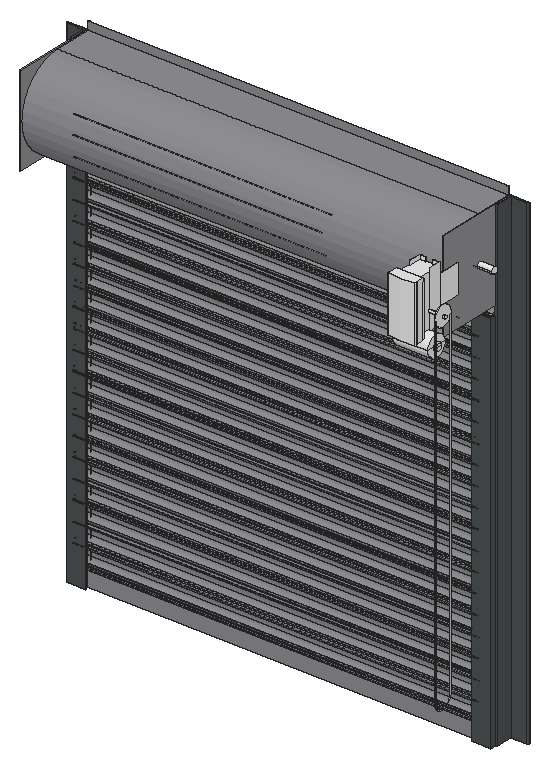
Revit family "EverGuard-Fire-Rated-Shelter-Door_OHD_Model-610FR_compact", category Specialty Equipment, host Wall, Revit 2023 (continued)
Definition of nested family "Motor"
  Definition of nested family "2D_NotScalableMain_29e791da-3db9-4234-ab15-44456784202b"
    Lines and regions (in)
      model lines, in view "Ref. Level", visible <- "Top Mount"
        curve 46: line (6.71875, 1.3125, 0) -> (6.71875, -1.3125, 0)
      model lines, in view "Ref. Level", visible <- "Wall Mount"
        curve 47: line (-5.94375, -2.525, 0) -> (-5.94375, 4.725, 0)
        curve 48: line (-6.75375, 4.725, 0) -> (-6.75375, -2.525, 0)
        curve 49: line (-5.8125, 0.7, 0) -> (-5.8125, -1.875, 0)
        curve 50: line (-4.53125, 0.7, 0) -> (-4.53125, -3.25, 0)
        curve 51: line (-4.134, -2.23929, 0) -> (-4.134, -5.00147, 0)
        curve 52: line (-3.108, -2.23929, 0) -> (-4.134, -2.23929, 0)
        curve 53: line (-2.988, 5.24, 0) -> (-2.988, -2.11929, 0)
        curve 54: arc (-2.988, -2.11929, 0) -> (-3.02315, -2.20414, 0) -> (-3.108, -2.23929, 0) r 0.12
        curve 55: line (4.116, -2.35889, 0) -> (-4.134, -2.35889, 0)
        curve 56: arc (3.108, -2.23929, 0) -> (3.02315, -2.20414, 0) -> (2.988, -2.11929, 0) r 0.12
        curve 57: line (2.988, -2.11929, 0) -> (2.988, 5.24, 0)
        curve 58: line (4.116, -2.23929, 0) -> (3.108, -2.23929, 0)
        curve 59: line (4.116, -5.00147, 0) -> (4.116, -2.23929, 0)
        curve 60: line (6.34375, 0.7, 0) -> (6.34375, -3.25, 0)
        curve 61: line (6.71875, 0.7, 0) -> (6.71875, -1.3125, 0)
        curve 62: line (7.125, 0.7, 0) -> (7.125, -0.875, 0)
        curve 63: line (7.52, -1.9, 0) -> (7.52, 4.1, 0)
        curve 64: line (7.2495, 4.1, 0) -> (7.2495, -1.9, 0)
        curve 65: line (-8.34375, 0.7, 0) -> (-6.75375, 0.7, 0)
        curve 66: line (-5.94375, 0.7, 0) -> (-2.988, 0.7, 0)
        curve 67: line (-8.34375, 1.5, 0) -> (-6.75375, 1.5, 0)
        curve 68: line (-5.94375, 1.5, 0) -> (-2.988, 1.5, 0)
        curve 69: line (-4.53125, 3.25, 0) -> (-4.53125, 1.5, 0)
        curve 70: line (-3.108, 1.5, 0) -> (-3.108, 5.12, 0)
        curve 71: line (3.108, 1.5, 0) -> (3.108, 5.12, 0)
        curve 72: line (6.34375, 3.25, 0) -> (3.108, 3.25, 0)
        curve 73: line (2.988, 1.5, 0) -> (7.2495, 1.5, 0)
        curve 74: line (7.2495, 0.7, 0) -> (2.988, 0.7, 0)
        curve 75: line (-5.8125, 0.3125, 0) -> (-5.94375, 0.3125, 0)
      model lines, in view "Ref. Level", visible <- "Bench Mount"
        curve 76: line (-10.001, 9.0978, 0) -> (-10.001, 18.68057, 0)
        curve 77: line (-9.879, 18.68057, 0) -> (-9.879, 9.0978, 0)
        curve 78: line (-6.75375, 12.025, 0) -> (-5.94375, 12.025, 0)
        curve 79: line (-5.94375, 12.025, 0) -> (-5.94375, 4.775, 0)
        curve 80: line (-6.75375, 4.775, 0) -> (-6.75375, 12.025, 0)
        curve 81: line (-4.53125, -3.25, 0) -> (-4.53125, 3.25, 0)
        curve 82: line (-5.8125, 1.875, 0) -> (-5.8125, -1.875, 0)
        curve 83: line (-5.96875, 1, 0) -> (-5.96875, -1, 0)
        curve 84: line (-4.34375, 1.8775, 0) -> (4.34375, 1.8775, 0)
        curve 85: line (-4.34375, 1.8775, 0) -> (-4.34375, 19.23, 0)
        curve 86: line (-4.34375, 19.23, 0) -> (4.34375, 19.23, 0)
        curve 87: line (4.34375, 1.8775, 0) -> (4.34375, 19.23, 0)
        curve 88: line (-2.988, 20, 0) -> (-2.988, 19.23, 0)
        curve 89: line (2.988, 20, 0) -> (2.988, 19.23, 0)
        curve 90: line (6.34375, 3.25, 0) -> (6.34375, -3.25, 0)
        curve 91: line (6.71875, 1.3125, 0) -> (6.71875, -1.3125, 0)
        curve 92: line (7.2495, 5.4, 0) -> (7.2495, 11.4, 0)
        curve 93: line (7.52, 11.4, 0) -> (7.52, 5.4, 0)
    Dimensions and locks (in)
      curve 1 to curve 1 = 1/8"
      curve 2 to curve 2 = 1/8"
      aligned and locked: plane 1 "Center (Front/Back)" to curve 1
      aligned and locked: plane 3 "Center (Left/Right)" to curve 1
      aligned and locked: plane 1 "Center (Front/Back)" to curve 2
Definition of nested family "610F"
  Parameters (values of type "Standard - Gray")
    Slat Width [instance] = 1.438"  # constant formula
    Slat Position [instance] = 17.979"  # constant formula
    Rough Height = 0"
    Panel Material = none
    Opening Width [instance] = 123 5/8"
    Default Elevation = 48"
    Analytic Construction = "<None>"
  Reference planes (in)
    plane 1 "Center (Front/Back)": y = 0
    plane 2: z = 0
    plane 3 "Center (Left/Right)": x = 0
    plane 4: x = -61.8125
    plane 5: x = 61.8125
    plane 6: y = 1.438
    plane 7: y = 0
    plane 8: y = 0.719
  Forms (in)
    Extrusion 1, solid, material <- "Panel Material"
      sketch origin (0, -4.98186, 18.03575) x (0, 1, 0) y (0, 0, 1)
        loop
          arc (6.3129, -15.14545) -> (6.00497, -16.08196) -> (5.20687, -16.66067) r 1.60144
          arc (5.20687, -16.66067) -> (4.98511, -17.01639) -> (5.29733, -17.29609) r 0.32578
          arc (5.29733, -17.29609) -> (5.69386, -17.45374) -> (5.89802, -17.82846) r 0.62781
          arc (5.89802, -17.82846) -> (5.03379, -18.01504) -> (5.87757, -18.27913) r 0.4572
          arc (5.87757, -18.27913) -> (5.90123, -17.57711) -> (5.30212, -17.21042) r 0.69757
          arc (5.30212, -17.21042) -> (5.06799, -17.00582) -> (5.22797, -16.73921) r 0.24232
          arc (5.22797, -16.73921) -> (6.0686, -16.12201) -> (6.41479, -15.13828) r 1.76704
          arc (6.41479, -15.13828) -> (6.37372, -14.26848) -> (6.1844, -13.41854) r 5.06884
          arc (6.1844, -13.41854) -> (5.94264, -13.01767) -> (5.54432, -12.77174) r 0.99486
          arc (5.54432, -12.77174) -> (5.26621, -12.59673) -> (5.1038, -12.31108) r 0.67448
          arc (5.1038, -12.31108) -> (5.54348, -12.49551) -> (5.92872, -12.21459) r 0.4852
          arc (5.92872, -12.21459) -> (5.88398, -11.54724) -> (5.30212, -11.21741) r 0.70521
          arc (5.30212, -11.21741) -> (5.06799, -11.01281) -> (5.22797, -10.7462) r 0.24232
          arc (5.22797, -10.7462) -> (6.0686, -10.12901) -> (6.41479, -9.14527) r 1.76704
          arc (6.41479, -9.14527) -> (6.37372, -8.27547) -> (6.1844, -7.42553) r 5.06884
          arc (6.1844, -7.42553) -> (5.94264, -7.02466) -> (5.54432, -6.77873) r 0.99486
          arc (5.54432, -6.77873) -> (5.26621, -6.60372) -> (5.1038, -6.31807) r 0.67448
          arc (5.1038, -6.31807) -> (5.58774, -6.46687) -> (5.95602, -6.11945) r 0.50309
          arc (5.95602, -6.11945) -> (5.8503, -5.5103) -> (5.30212, -5.22441) r 0.69757
          arc (5.30212, -5.22441) -> (5.06799, -5.01981) -> (5.22797, -4.7532) r 0.24232
          arc (5.22797, -4.7532) -> (6.0686, -4.136) -> (6.41479, -3.15227) r 1.76704
          arc (6.41479, -3.15227) -> (6.37372, -2.28247) -> (6.1844, -1.43253) r 5.06884
          arc (6.1844, -1.43253) -> (5.94264, -1.03166) -> (5.54432, -0.78573) r 0.99486
          arc (5.54432, -0.78573) -> (5.26621, -0.61072) -> (5.1038, -0.32507) r 0.67448
          arc (5.1038, -0.32507) -> (5.96009, -0.08908) -> (5.14423, 0.26204) r 0.47069
          arc (5.14423, 0.26204) -> (4.98628, -0.3629) -> (5.42353, -0.83652) r 0.67657
          arc (5.42353, -0.83652) -> (5.86585, -1.12411) -> (6.11827, -1.58739) r 1.07588
          arc (6.11827, -1.58739) -> (6.26595, -2.36718) -> (6.3129, -3.15945) r 6.20586
          arc (6.3129, -3.15945) -> (6.00497, -4.09596) -> (5.20687, -4.67466) r 1.60144
          arc (5.20687, -4.67466) -> (4.98511, -5.03038) -> (5.29733, -5.31008) r 0.32578
          arc (5.29733, -5.31008) -> (5.67797, -5.45412) -> (5.8903, -5.80132) r 0.62781
          arc (5.8903, -5.80132) -> (5.53471, -5.58115) -> (5.14423, -5.73096) r 0.47069
          arc (5.14423, -5.73096) -> (4.98628, -6.35591) -> (5.42353, -6.82953) r 0.67657
          arc (5.42353, -6.82953) -> (5.86585, -7.11711) -> (6.11827, -7.5804) r 1.07588
          arc (6.11827, -7.5804) -> (6.26595, -8.36019) -> (6.3129, -9.15245) r 6.20586
          arc (6.3129, -9.15245) -> (6.00497, -10.08896) -> (5.20687, -10.66766) r 1.60144
          arc (5.20687, -10.66766) -> (4.98511, -11.02339) -> (5.29733, -11.30309) r 0.32578
          arc (5.29733, -11.30309) -> (5.67797, -11.44712) -> (5.8903, -11.79432) r 0.62781
          arc (5.8903, -11.79432) -> (5.53471, -11.57415) -> (5.14423, -11.72397) r 0.47069
          arc (5.14423, -11.72397) -> (4.98628, -12.34891) -> (5.42353, -12.82253) r 0.67657
          arc (5.42353, -12.82253) -> (5.86585, -13.11012) -> (6.11827, -13.5734) r 1.07588
          arc (6.11827, -13.5734) -> (6.26595, -14.35319) -> (6.3129, -15.14545) r 6.20586
      from -61.8125 to 61.8125
  Lines and regions (in)
    reference lines
      curve 1: line (0, -4.98186, 17.979) -> (0, 10.8957, 17.979)
  Dimensions and locks (in)
    equal spacing: plane 4, plane 3 "Center (Left/Right)", plane 5
    "Opening Width": plane 4 to plane 5
    "Slat Width": plane 1 "Center (Front/Back)" to plane 6
    equal spacing: plane 1 "Center (Front/Back)", plane 8, plane 6
    "Slat Position": curve 1 to level
    aligned and locked: plane 2 to level
    aligned and locked: plane 1 "Center (Front/Back)" to plane 7
    aligned and locked: plane 5 to Extrusion 1
    aligned and locked: plane 4 to Extrusion 1
  Automatic sketch dimensions
    plane 1 "Center (Front/Back)" to curve 1 = 4.98186"
    curve 1 to plane 6 = 9.4577"
    curve 1 to Extrusion 1 sketch curve = 0.10711"  (x3)
    Extrusion 1 sketch curve to Extrusion 1 sketch curve = 1.24265"  (x3)
    Extrusion 1 sketch curve to Extrusion 1 sketch curve = 3.29932"  (x3)
    Extrusion 1 sketch curve to Extrusion 1 sketch curve = 0.0624"  (x3)
    Extrusion 1 sketch curve to Extrusion 1 sketch curve = 0.42706"  (x3)
    Extrusion 1 sketch curve to Extrusion 1 sketch curve = 0.15937"  (x3)
    Extrusion 1 sketch curve to Extrusion 1 sketch curve = 0.04195"  (x2)
    curve 1 to Extrusion 1 sketch curve = 5.88083"
    Extrusion 1 sketch curve to Extrusion 1 sketch curve = 0.56597"
    Extrusion 1 sketch curve to Extrusion 1 sketch curve = 0.00942"
    Extrusion 1 sketch curve to Extrusion 1 sketch curve = 0.00958"  (x2)
    Extrusion 1 sketch curve to Extrusion 1 sketch curve = 0.02032"  (x2)
    Extrusion 1 sketch curve to Extrusion 1 sketch curve = 0.02049"
    Extrusion 1 sketch curve to Extrusion 1 sketch curve = 0.00028"  (x3)
    Extrusion 1 sketch curve to Extrusion 1 sketch curve = 0.18651"
    Extrusion 1 sketch curve to Extrusion 1 sketch curve = 0.20024"
    Extrusion 1 sketch curve to Extrusion 1 sketch curve = 0.00341"
    Extrusion 1 sketch curve to Extrusion 1 sketch curve = 0.25501"
    Extrusion 1 sketch curve to Extrusion 1 sketch curve = 0.01698"
    Extrusion 1 sketch curve to Extrusion 1 sketch curve = 0.20349"
    Extrusion 1 sketch curve to Extrusion 1 sketch curve = 0.15147"  (x3)
    Extrusion 1 sketch curve to Extrusion 1 sketch curve = 0.11169"  (x3)
    Extrusion 1 sketch curve to Extrusion 1 sketch curve = 0.03933"
    Extrusion 1 sketch curve to Extrusion 1 sketch curve = 0.07284"
    Extrusion 1 sketch curve to Extrusion 1 sketch curve = 0.08781"  (x2)
    Extrusion 1 sketch curve to Extrusion 1 sketch curve = 0.05163"  (x3)
    curve 1 to Extrusion 1 sketch curve = 7.6677"
    Extrusion 1 sketch curve to Extrusion 1 sketch curve = 0.12333"  (x3)
    Extrusion 1 sketch curve to curve 1 = 8.89176"
    Extrusion 1 sketch curve to Extrusion 1 sketch curve = 1.2289"  (x3)
    Extrusion 1 sketch curve to curve 1 = 9.06596"
    Extrusion 1 sketch curve to Extrusion 1 sketch curve = 0.06809"  (x3)
    Extrusion 1 sketch curve to Extrusion 1 sketch curve = 1.83037"  (x3)
    Extrusion 1 sketch curve to Extrusion 1 sketch curve = 0.00232"  (x3)
    Extrusion 1 sketch curve to Extrusion 1 sketch curve = 0.94498"
    Extrusion 1 sketch curve to Extrusion 1 sketch curve = 0.00814"
    Extrusion 1 sketch curve to Extrusion 1 sketch curve = 0.09114"
    Extrusion 1 sketch curve to Extrusion 1 sketch curve = 0.02917"
    Extrusion 1 sketch curve to Extrusion 1 sketch curve = 1.53525"  (x2)
    Extrusion 1 sketch curve to curve 1 = 14.88477"
    Extrusion 1 sketch curve to curve 1 = 15.05896"
    Extrusion 1 sketch curve to Extrusion 1 sketch curve = 0.93734"  (x2)
    Extrusion 1 sketch curve to Extrusion 1 sketch curve = 0.01577"  (x2)
    Extrusion 1 sketch curve to Extrusion 1 sketch curve = 0.12795"
    Extrusion 1 sketch curve to curve 1 = 3.07295"
    Extrusion 1 sketch curve to Extrusion 1 sketch curve = 0.17419"
    Extrusion 1 sketch curve to Extrusion 1 sketch curve = 0.13944"
    Extrusion 1 sketch curve to Extrusion 1 sketch curve = 0.17365"  (x2)
    Extrusion 1 sketch curve to Extrusion 1 sketch curve = 99/256"
    Extrusion 1 sketch curve to Extrusion 1 sketch curve = 0.14264"
    Extrusion 1 sketch curve to Extrusion 1 sketch curve = 0.34629"
    Extrusion 1 sketch curve to Extrusion 1 sketch curve = 0"  (x28)
    Extrusion 1 sketch curve to Extrusion 1 sketch curve = 0.14281"
    Extrusion 1 sketch curve to Extrusion 1 sketch curve = 0.10049"  (x3)
    Extrusion 1 sketch curve to Extrusion 1 sketch curve = 0.02111"  (x3)
    Extrusion 1 sketch curve to Extrusion 1 sketch curve = 0.12078"
    curve 1 to Extrusion 1 sketch curve = 6.72198"
Definition of nested family "Label Annotation 1"
  Parameters (values of type "Label Annotation 1-8")
    Label = "Area is too big. Please reduce Door Size."
  Reference planes (in)
    plane 1: y = 0
    plane 2: x = 0
  Text (in)
    label "Label" at (0.00375, -0.00345, 0), shows "Label"
Definition of nested family "Warning Sign"
  Parameters (values of type "Warning Sign")
    Warning Sign [instance] = no
    Default Elevation = 48"
  Reference planes (in)
    plane 1 "Center (Front/Back)": y = 0
    plane 2: z = 0
    plane 3 "Center (Left/Right)": x = 0
    plane 4: y = 0.5
    plane 5: y = -0.5
    plane 6: y = 1
    plane 7: y = 0.25
  Lines and regions (in)
    model lines
      curve 1: line (-2.26129, 1, 45.69444) -> (-26.3817, 1, 3.91667)
      curve 2: line (-25.25106, 1, 3.26389) -> (-1.13064, 1, 45.04167)
      curve 3: arc (2.26129, 1, 45.69444) -> (0, 1, 47) -> (-2.26129, 1, 45.69444) r 2.61111
      curve 4: arc (-1.13064, 1, 45.04167) -> (0, 1, 45.69444) -> (1.13064, 1, 45.04167) r 1.30556
      curve 5: line (1.13064, 1, 45.04167) -> (25.25106, 1, 3.26389)
      curve 6: line (26.3817, 1, 3.91667) -> (2.26129, 1, 45.69444)
      curve 7: arc (25.25106, 1, 3.26389) -> (25.25106, 1, 1.95833) -> (24.12041, 1, 1.30556) r 1.30556
      curve 8: arc (24.12041, 1, 0) -> (26.3817, 1, 1.30556) -> (26.3817, 1, 3.91667) r 2.61111
      curve 9: line (24.12041, 1, 1.30556) -> (-24.12041, 1, 1.30556)
      curve 10: line (-24.12041, 1, 0) -> (24.12041, 1, 0)
      curve 11: arc (-24.12041, 1, 1.30556) -> (-25.25106, 1, 1.95833) -> (-25.25106, 1, 3.26389) r 1.30556
      curve 12: arc (-26.3817, 1, 3.91667) -> (-26.3817, 1, 1.30556) -> (-24.12041, 1, 0) r 2.61111
      curve 13: arc (-2.29479, 1, 8.63537) -> (0, 1, 6.34057) -> (2.29479, 1, 8.63537) r 2.29479
      curve 14: arc (2.29479, 1, 8.63537) -> (0, 1, 10.93016) -> (-2.29479, 1, 8.63537) r 2.29479
      curve 15: arc (-1.6331, 1, 13.97069) -> (0.03439, 1, 12.53727) -> (1.69278, 1, 13.98121) r 1.68043
      curve 16: line (-3.77413, 1, 28.37873) -> (-1.6331, 1, 13.97069)
      curve 17: line (1.69278, 1, 13.98121) -> (3.73924, 1, 28.37873)
      curve 18: arc (3.73924, 1, 28.37873) -> (-0.01745, 1, 32.13541) -> (-3.77413, 1, 28.37873) r 3.75668
      curve 19: line (-2.26129, -0.5, 45.69444) -> (-26.3817, -0.5, 3.91667)
      curve 20: line (-25.25106, -0.5, 3.26389) -> (-1.13064, -0.5, 45.04167)
      curve 21: arc (2.26129, -0.5, 45.69444) -> (0, -0.5, 47) -> (-2.26129, -0.5, 45.69444) r 2.61111
      curve 22: arc (-1.13064, -0.5, 45.04167) -> (0, -0.5, 45.69444) -> (1.13064, -0.5, 45.04167) r 1.30556
      curve 23: line (1.13064, -0.5, 45.04167) -> (25.25106, -0.5, 3.26389)
      curve 24: line (26.3817, -0.5, 3.91667) -> (2.26129, -0.5, 45.69444)
      curve 25: arc (25.25106, -0.5, 3.26389) -> (25.25106, -0.5, 1.95833) -> (24.12041, -0.5, 1.30556) r 1.30556
      curve 26: arc (24.12041, -0.5, 0) -> (26.3817, -0.5, 1.30556) -> (26.3817, -0.5, 3.91667) r 2.61111
      curve 27: line (24.12041, -0.5, 1.30556) -> (-24.12041, -0.5, 1.30556)
      curve 28: line (-24.12041, -0.5, 0) -> (24.12041, -0.5, 0)
      curve 29: arc (-24.12041, -0.5, 1.30556) -> (-25.25106, -0.5, 1.95833) -> (-25.25106, -0.5, 3.26389) r 1.30556
      curve 30: arc (-26.3817, -0.5, 3.91667) -> (-26.3817, -0.5, 1.30556) -> (-24.12041, -0.5, 0) r 2.61111
      curve 31: arc (-2.29479, -0.5, 8.63537) -> (0, -0.5, 6.34057) -> (2.29479, -0.5, 8.63537) r 2.29479
      curve 32: arc (2.29479, -0.5, 8.63537) -> (0, -0.5, 10.93016) -> (-2.29479, -0.5, 8.63537) r 2.29479
      curve 33: arc (-1.6331, -0.5, 13.97069) -> (0.03439, -0.5, 12.53727) -> (1.69278, -0.5, 13.98121) r 1.68043
      curve 34: line (-3.77413, -0.5, 28.37873) -> (-1.6331, -0.5, 13.97069)
      curve 35: line (1.69278, -0.5, 13.98121) -> (3.73924, -0.5, 28.37873)
      curve 36: arc (3.73924, -0.5, 28.37873) -> (-0.01745, -0.5, 32.13541) -> (-3.77413, -0.5, 28.37873) r 3.75668
  Dimensions and locks (in)
    locked: plane 1 "Center (Front/Back)" to plane 4 at 0.5
    equal spacing: plane 1 "Center (Front/Back)", plane 7, plane 4
    locked: plane 4 to plane 6 at 0.5
    locked: plane 5 to plane 1 "Center (Front/Back)" at 0.5
    aligned and locked: plane 2 to level
  Automatic sketch dimensions
    curve 21 to curve 22 = 0"  (x2)
    curve 25 to curve 26 = 0"  (x2)
    curve 29 to curve 30 = 0"  (x2)
    curve 31 to curve 32 = 0"  (x2)
    curve 21 to plane 3 "Center (Left/Right)" = 0"
    curve 31 to plane 3 "Center (Left/Right)" = 0"
    curve 30 to level = 0"
    level to curve 27 = 1.30556"
    curve 26 to curve 27 = 1.30556"
    curve 29 to curve 27 = 1.30556"
    curve 23 to curve 25 = 0.65278"
    curve 20 to curve 29 = 0.65278"
    curve 24 to curve 23 = 0.65278"
    curve 19 to curve 20 = 0.65278"
    level to curve 32 = 8.63537"
    curve 34 to plane 3 "Center (Left/Right)" = 1.6331"
    curve 34 to curve 31 = 5.33532"
    plane 3 "Center (Left/Right)" to curve 35 = 1.69278"
    curve 35 to curve 34 = 0.01052"
    plane 3 "Center (Left/Right)" to curve 33 = 0.02908"
    curve 36 to plane 3 "Center (Left/Right)" = 0.01745"
    curve 36 to curve 33 = 14.16104"
    curve 22 to curve 36 = 16.01016"
    plane 3 "Center (Left/Right)" to curve 23 = 1.13064"
    curve 23 to curve 21 = 0.65278"
    curve 20 to plane 3 "Center (Left/Right)" = 1.13064"
    plane 3 "Center (Left/Right)" to curve 24 = 2.26129"
    curve 24 to curve 22 = 0.65278"
    curve 19 to plane 3 "Center (Left/Right)" = 2.26129"
    curve 34 to curve 36 = 3.75668"
    curve 30 to plane 3 "Center (Left/Right)" = 24.12041"
    plane 3 "Center (Left/Right)" to curve 25 = 24.12041"
    curve 31 to curve 31 = 2.29479"
    curve 3 to curve 4 = 0"  (x2)
    curve 7 to curve 8 = 0"  (x2)
    curve 11 to curve 12 = 0"  (x2)
    curve 13 to curve 14 = 0"  (x2)
    curve 3 to plane 3 "Center (Left/Right)" = 0"
    curve 13 to plane 3 "Center (Left/Right)" = 0"
    curve 12 to level = 0"
    level to curve 9 = 1.30556"
    curve 8 to curve 9 = 1.30556"
    curve 11 to curve 9 = 1.30556"
    curve 5 to curve 7 = 0.65278"
    curve 2 to curve 11 = 0.65278"
    curve 6 to curve 5 = 0.65278"
    curve 1 to curve 2 = 0.65278"
    level to curve 14 = 8.63537"
    curve 16 to plane 3 "Center (Left/Right)" = 1.6331"
    curve 16 to curve 13 = 5.33532"
    plane 3 "Center (Left/Right)" to curve 17 = 1.69278"
    curve 17 to curve 16 = 0.01052"
    plane 3 "Center (Left/Right)" to curve 15 = 0.02908"
    curve 18 to plane 3 "Center (Left/Right)" = 0.01745"
    curve 18 to curve 15 = 14.16104"
    curve 4 to curve 18 = 16.01016"
    plane 3 "Center (Left/Right)" to curve 5 = 1.13064"
    curve 5 to curve 3 = 0.65278"
    curve 2 to plane 3 "Center (Left/Right)" = 1.13064"
    plane 3 "Center (Left/Right)" to curve 6 = 2.26129"
    curve 6 to curve 4 = 0.65278"
    curve 1 to plane 3 "Center (Left/Right)" = 2.26129"
    curve 16 to curve 18 = 3.75668"
    curve 12 to plane 3 "Center (Left/Right)" = 24.12041"
    plane 3 "Center (Left/Right)" to curve 7 = 24.12041"
    curve 13 to curve 13 = 2.29479"
Types (7): name | Voltage | Number of Poles | Apparent Load Phase 3 | Apparent Load Phase 2 | Apparent Load Phase 1
  115 volts, one phase, 60 Hz (110-120V range) | 115 V | 1 | 0 VA | 0 VA | 2300 VA
  230 volts, three phase, 60 Hz (208-245V range) | 230 V | 3 | 2655.81 VA | 2655.81 VA | 2655.81 VA
  230 volts, single phase, 60 Hz (208-245V range) | 230 V | 1 | 0 VA | 0 VA | 4600 VA
  460 volts, three phase, 60 Hz (456-495V range) | 460 V | 3 | 5311.62 VA | 5311.62 VA | 5311.62 VA
  208 volts, one phase, 60 Hz (190-207V range) | 208 V | 1 | 0 VA | 0 VA | 4160 VA
  208 volts, three phase, 60 Hz (190-207V range) | 208 V | 3 | 2401.78 VA | 2401.78 VA | 2401.78 VA
  575 volts, three phase, 60 Hz | 575 V | 3 | 6639.53 VA | 6639.53 VA | 6639.53 VA
